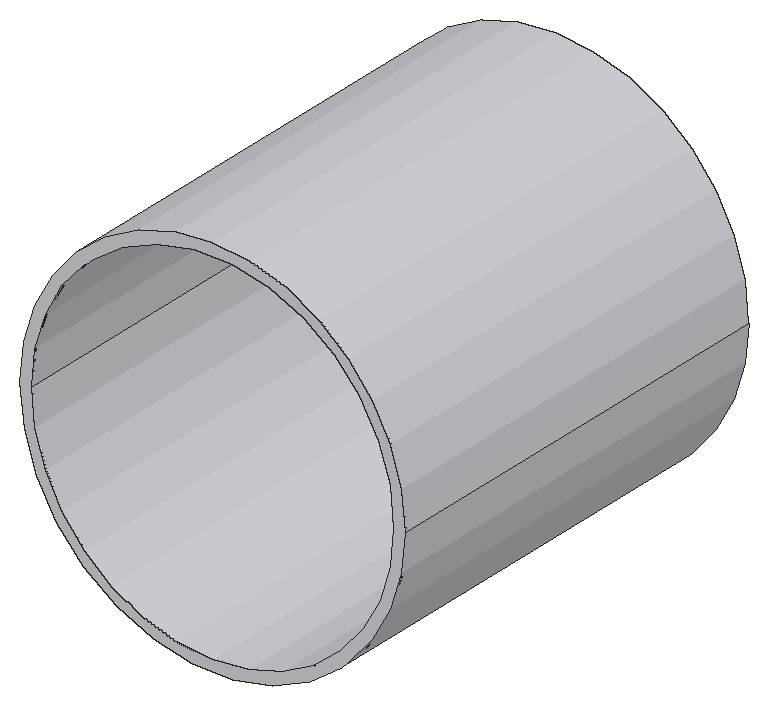
Revit family "SC5G", category Generic Models, Revit 2017
Family settings
  Can host rebar = No
  Round Connector Dimension = Use Diameter
  Part Type = Normal
  Work Plane-Based = Yes
  Always vertical = No
  Cut with Voids When Loaded = No
  Shared = No
  Room Calculation Point = No
Parameters (values of type "NBS Standard Parameters")
  Weight = "0.1434Kg"
  WarrantyStartDate [instance] = "1900-12-31T23:59:59"
  WarrantyGuarantorParts = "n/a"
  WarrantyGuarantorLabor = "n/a"
  WarrantyDurationUnit = "1 year"
  WarrantyDurationParts = "n/a"
  WarrantyDurationLabor = "n/a"
  WarrantyDescription = "n/a"
  Version = "1"
  Uniclass2 = "Pr_65_70_11_10"
  TagNumber [instance] = "n/a"
  SustainabilityPerformance = "n/a"
  Size = "2\""
  Shape = "Circular"
  SerialNumber [instance] = "n/a"
  Revision = "n/a"
  ReplacementCost = "n/a"
  ProductInformation = "www.metpro.co.uk/pdf/sc5g.pdf"
  NominalWidth = 54 mm
  NominalLength = 54 mm
  NominalHeight = 60 mm
  Name = ""
  NBSTypeID = ""
  NBSReference = "90-55-10/460"
  NBSOfficeMasterTag = ""
  NBSNote = ""
  NBSDescription = "Conduit Fittings"
  NBSCertification = ""
  ModelReference = "SC5G"
  ModelNumber = "n/a"
  Material = "steel"
  ManufacturerURL = "www.metpro.co.uk"
  ManufacturerName = "Metpro Ltd"
  InstallationDate [instance] = "1900-12-31T23:59:59"
  IfcExportType = ""
  IfcExportAs = ""
  Grade = "n/a"
  Finish = "Galvanised"
  Features = "n/a"
  ExpectedLife = "n/a"
  DurationUnit = "year"
  Description = "SC5G - 2\" Conduit Solid Coupler"
  Default Elevation = 1219.2 mm
  Constituents = "n/a"
  Color = "n/a"
  CodePerformance = "n/a"
  Category = "n/a"
  BarCode [instance] = "n/a"
  BIMObjectName = "Metpro_metprolibrary_conduitfittings_metalcomponent_steelaccessories"
  Author = "Metpro Ltd"
  AssetType = ""
  AssetIdentifier [instance] = "n/a"
  AccessibilityPerformance = "n/a"
Reference planes
  plane 1 "Center (Front/Back)": y = 0
  plane 2: z = 0
  plane 3 "Center (Left/Right)": x = 0
Forms (mm)
  Extrusion 1, solid
    sketch origin (237, 5.586, 25.358) x (-1, 0, 0) y (0, 0, 1)
      loop
        circle (210, 20) r 27
      loop
        circle (210, 20) r 25.4
    from 0 to 60
Dimensions and locks
  aligned and locked: level to plane 2
